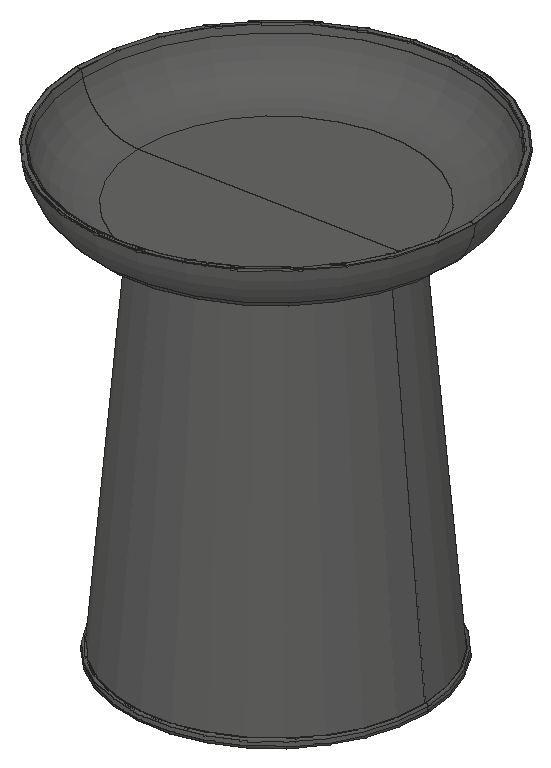
Revit family "Table-Multi_Purpose-Allermuir-Mimosa-MIM06", category Furniture, Revit 2012
Parameters (values of type "MIM06")
  ecoScorecard_data = ""
  ecoScorecard Product Page = ""
  Weight = 0.0 lbf
  Upholstered Seat = ""
  URL = ""
  Subcategory = "Multi-Purpose"
  Specifications URL = ""
  Seat or Top = Fabric - Allermuir - Smooth -Pebbled - Black
  Product Page URL = ""
  Product Line = "Mimosa"
  Pricing URL = ""
  Plugin Data URL = ""
  Overall Width = 15.53"  # constant formula
  Overall Height = 17.69"  # constant formula
  Overall Depth = 15.54"  # constant formula
  Model = "MIM06"  # constant formula
  Manufacturer Toll Free Phone = "(888) 887 5806"  # constant formula
  Manufacturer Phone = "(419) 887 5806"  # constant formula
  Manufacturer Fax = "(419) 887 5805"  # constant formula
  Manufacturer Email = "mailto:contact@allermuir-na.com"
  Manufacturer Address = "1630 Holland Road, Maumee, Ohio 43537 "  # constant formula
  Manufacturer = "Allermuir"  # constant formula
  LEED Stats URL = ""
  Fabric Spec Sheets = ""
  Description = ""
  Default Elevation = 48"
  Color Availability = ""
  CAD Blocks URL = ""
  Brochure URL = ""
  Base = Fabric - Allermuir - Smooth -Pebbled - Black
  Assembly Code = "E2020200"
  95 CSI = "12510"  # constant formula
  04 CSI = "12 51 00"  # constant formula
Reference planes (in)
  plane 1 "Center Front/Back": y = 0
  plane 2: z = 0
  plane 3 "Center Left/Right": x = 0
  plane 4 "Back": y = 7.77
  plane 5 "Left": x = -7.765
  plane 6: x = 7.765
  plane 7: y = -7.77
  plane 8: z = 17.69
Dimensions and locks (in)
  equal spacing: plane 5 "Left", plane 3 "Center Left/Right", plane 6
  "Overall Width": plane 5 "Left" to plane 6
  equal spacing: plane 4 "Back", plane 1 "Center Front/Back", plane 7
  "Overall Depth": plane 4 "Back" to plane 7
  "Overall Height": plane 8 to level
  aligned and locked: plane 1 "Center Front/Back" to nested 1
  aligned and locked: plane 3 "Center Left/Right" to nested 1
  aligned and locked: plane 8 to nested 1
  aligned and locked: level to plane 2
Nested families (in)
  nested 1: "MIM06" at (0, 0, -0.02578), type "MIM06"
Definition of nested family "MIM06"
  Parameters (values of type "MIM06")
    Seat = Fabric - Allermuir - Smooth -Pebbled - Black
    Base = Fabric - Allermuir - Smooth -Pebbled - Black
  Reference planes (in)
    plane 1 "Center Front/Back": y = 0
    plane 2: z = 0
    plane 3 "Center Left/Right": x = 0
    plane 4: y = 7.76724
    plane 5: y = -7.76724
    plane 6: x = -7.76953
    plane 7: x = 7.76953
    plane 8: z = 17.71578
    plane 9: z = 15.51898
  Forms (in)
    Revolve 1, solid, material "Fabric - Allermuir - Smooth -Pebbled - Black" <- "Seat"
      sketch origin (0, 0, 0) x (1, 0, 0) y (0, 0, 1)
        loop
          line (0, 15.7182) -> (-5.37452, 15.7182)
          arc (-5.37452, 15.7182) -> (-6.74483, 16.19604) -> (-7.52089, 17.42235) r 2.20374
          arc (-7.52089, 17.42235) -> (-7.54841, 17.55893) -> (-7.56772, 17.69691) r 2.33274
          arc (-7.56772, 17.69691) -> (-7.57464, 17.71037) -> (-7.58877, 17.71578) r 0.02118
          line (-7.58877, 17.71578) -> (-7.74584, 17.71578)
          arc (-7.74584, 17.71578) -> (-7.76202, 17.70859) -> (-7.76751, 17.69175) r 0.02179
          arc (-7.76751, 17.69175) -> (-7.54098, 16.8755) -> (-7.05788, 16.17965) r 2.53196
          arc (-7.05788, 16.17965) -> (-6.33864, 15.69086) -> (-5.48619, 15.51898) r 2.19982
          line (-5.48619, 15.51898) -> (0, 15.51898) -> (0, 15.7182)
        axis (0, 17.71578) -> (0, 15.51898)
      angle from 0 to 360
    Revolve 2, solid, material "Fabric - Allermuir - Smooth -Pebbled - Black" <- "Base"
      sketch origin (0, 0, 0) x (1, 0, 0) y (0, 0, 1)
        loop
          line (-4.45054, 15.51898) -> (-5.78441, 0.31669) -> (-5.82372, 0.31669)
          arc (-5.82372, 0.31669) -> (-5.87393, 0.29716) -> (-5.89777, 0.24885) r 0.07433
          line (-5.89777, 0.24885) -> (-5.91181, 0.08877)
          arc (-5.91181, 0.08877) -> (-5.89069, 0.02649) -> (-5.83049, 0) r 0.08164
          line (-5.83049, 0) -> (-0.00019, 0) -> (-0.00019, 15.51898) -> (-4.45054, 15.51898)
        axis (-0.00019, 15.51898) -> (-0.00019, 0)
      angle from 0 to 360
  Lines and regions (in)
    symbolic lines, style "Table"
      curve 1: circle (0, 0, 0) r 7.76953 normal (0, 0, 1)
      curve 2: circle (0, 0, 0) r 7.57589 normal (0, 0, 1)
      curve 3: circle (0, 0, 0) r 5.5 normal (0, 0, 1)
  Dimensions and locks (in)
    equal spacing: plane 5, plane 1 "Center Front/Back", plane 4
    locked: plane 5 to plane 4 at 15.53447
    equal spacing: plane 6, plane 3 "Center Left/Right", plane 7
    locked: plane 6 to plane 7 at 15.53906
    plane 8 to level = 17.71578"
    locked: plane 8 to plane 9 at 2.1968
    aligned and locked: level to plane 2
    aligned and locked: Revolve 1 sketch curve to plane 3 "Center Left/Right"  (x2)
    aligned and locked: Revolve 1 sketch curve to plane 8
  Automatic sketch dimensions
    Revolve 2 sketch curve to level = 0"
    Revolve 2 sketch curve to plane 9 = 0"  (x2)
    level to Revolve 2 sketch curve = 0.08877"
    plane 6 to Revolve 2 sketch curve = 1.85772"
    level to Revolve 2 sketch curve = 0.24885"
    Revolve 2 sketch curve to Revolve 2 sketch curve = 0.01405"
    Revolve 2 sketch curve to Revolve 2 sketch curve = 0.08132"
    Revolve 2 sketch curve to Revolve 2 sketch curve = 0.07405"
    level to Revolve 2 sketch curve = 0.31669"
    Revolve 2 sketch curve to Revolve 2 sketch curve = 0.03931"
    plane 6 to Revolve 2 sketch curve = 3.31899"
    Revolve 2 sketch curve to plane 3 "Center Left/Right" = 0.00019"  (x2)
    Revolve 2 sketch curve to Revolve 2 sketch curve = 2.75"
    Revolve 1 sketch curve to Revolve 1 sketch curve = 0"  (x4)
    Revolve 1 sketch curve to plane 9 = 0"
    Revolve 1 sketch curve to plane 8 = 0.2354"
    plane 6 to Revolve 1 sketch curve = 2.52065"
    plane 9 to Revolve 1 sketch curve = 0.19922"
    Revolve 1 sketch curve to Revolve 1 sketch curve = 0.12564"
    Revolve 1 sketch curve to Revolve 1 sketch curve = 0.11167"
    plane 6 to Revolve 1 sketch curve = 0.71165"
    plane 6 to Revolve 1 sketch curve = 0.24864"
    plane 8 to Revolve 1 sketch curve = 0.01887"
    plane 6 to Revolve 1 sketch curve = 0.20181"
    plane 6 to Revolve 1 sketch curve = 0.02369"
    plane 6 to Revolve 1 sketch curve = 0.00202"
    plane 8 to Revolve 1 sketch curve = 0.44495"
    Revolve 1 sketch curve to plane 8 = 1.25"
    curve 1 to curve 2 = 0"  (x2)
    curve 1 to curve 3 = 0"  (x2)
    curve 2 to curve 3 = 0"  (x2)
    plane 1 "Center Front/Back" to curve 2 = 0"
    curve 2 to plane 3 "Center Left/Right" = 0"
    radius of curve 1 = 7.76953"
    radius of curve 2 = 7.57589"
    radius of curve 3 = 5.5"
